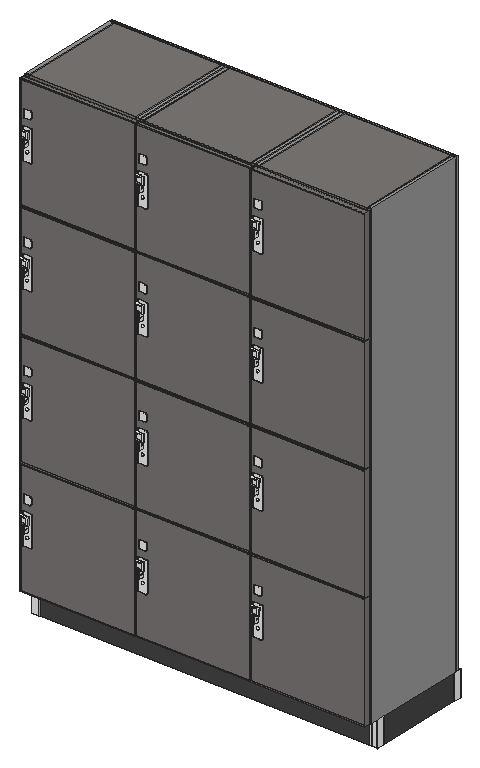
Revit family "Wood_Lockers_Hasps-Salsbury_Industries-18_44000_Series-3_Wide_Units.rfa", category Specialty Equipment, Revit 2016 (continued)
Definition of nested family "Wood Locker Sloping Hoods"
  Automatic sketch dimensions
    Extrusion 2 sketch curve to plane 5 "Back of Hood" = 0.000"
    plane 15 to Extrusion 2 sketch curve = 0.000"
    plane 14 to Extrusion 2 sketch curve = 0.000"
    Extrusion 2 sketch curve to plane 13 = 1.08977"
    Extrusion 2 sketch curve to plane 12 = 0.04881"
    Extrusion 1 sketch curve to level = 0.000"
    Extrusion 1 sketch curve to plane 1 "Center (Front/Back)" = 0.000"
    Extrusion 1 sketch curve to Extrusion 1 sketch curve = 0.24302"
Types (7): name | Unit Height including Sloping Hood Only | Unit Height including Base Only | Sloping Hood Height | Overall Unit Height including Base and Sloping Hood | Model | Description | Depth | Compartment Depth | Base Height | Base Depth | Base
  (no name) | 78.868" | 76.000" | 6.868" | 82.868" | "18-44368" | "3 Wide - 6 Feet High - 18 inches Deep - with Base" | 18.000" | 16.750" | 4.000" | 16.250" | Wood Locker Bases : Base - 54" W x 18" D Lockers
  18-44364 | 81.118" | 76.000" | 9.118" | 85.118" | "18-44364" | "3 Wide - 6 Feet High - 24 inches Deep - with Base" | 24.000" | 22.750" | 4.000" | 22.250" | Wood Locker Bases : Base - 54" W x 24" D Lockers
  18-44364 - without Base | 81.118" | 72.000" | 9.118" | 81.118" | "18-44364 without Base" | "3 Wide - 6 Feet High - 24 inches Deep - without Base" | 24.000" | 22.750" | 0.000" | 22.250" | Wood Locker Bases : None
  18-44368 | 78.868" | 76.000" | 6.868" | 82.868" | "18-44368" | "3 Wide - 6 Feet High - 18 inches Deep - with Base" | 18.000" | 16.750" | 4.000" | 16.250" | Wood Locker Bases : Base - 54" W x 18" D Lockers
  18-44368 - without Base | 78.868" | 72.000" | 6.868" | 78.868" | "18-44368 without Base" | "3 Wide - 6 Feet High - 18 inches Deep - without Base" | 18.000" | 16.750" | 0.000" | 16.250" | Wood Locker Bases : None
  18-44361 | 79.993" | 76.000" | 7.993" | 83.993" | "18-44361" | "3 Wide - 6 Feet High - 21 inches Deep - with Base" | 21.000" | 19.750" | 4.000" | 19.250" | Wood Locker Bases : Base - 54" W x 21" D Lockers
  18-44361 - without Base | 79.993" | 72.000" | 7.993" | 79.993" | "18-44361 without Base" | "3 Wide - 6 Feet High - 21 inches Deep - without Base" | 21.000" | 19.750" | 0.000" | 19.250" | Wood Locker Bases : None
